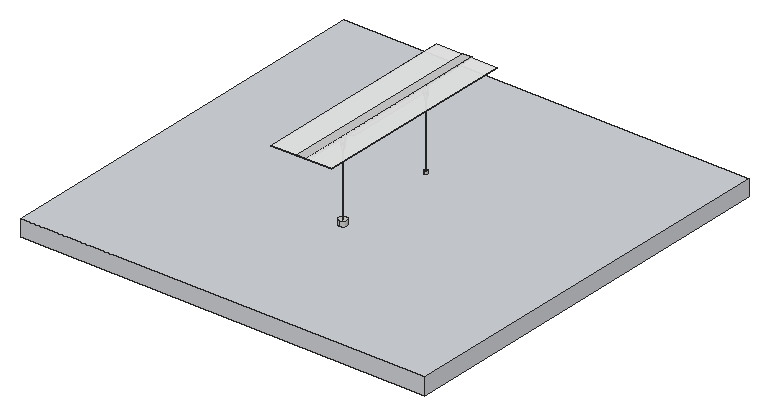
Revit family "Zumtobel VAERO LED", category Lighting Fixtures, host Face, Revit 2014
Parameters (values of type "VAERO LED5000")
  Width = 365 mm  # constant formula
  Waveguide = Zumtobel_Waveguide_Self_Illumination
  Wattage = 33.6605 W
  built-in parameter 1150110 = 1 (stored number, unit not read)
  Voltage = 230 V  # constant formula
  URL = "http://www.zumtobel.com/42184828"
  Type Comments = "© Zumtobel. We reserve the right to make technical changes without prior notice."  # constant formula
  built-in parameter 1114217 = 1 (stored number, unit not read)
  Tilt Angle = -90.00°
  built-in parameter 1150109 = 1 (stored number, unit not read)
  built-in parameter 1150134 = 12
  Suspension Height [instance] = 500 mm
  Suspension = Zumtobel_Metal_Aluminium
  built-in parameter 1150113 = 1 (stored number, unit not read)
  Photometric Web File = "42184828_(STD).IES"
  Model = "42184828"
  Manufacturer = "Zumtobel Lighting"  # constant formula
  built-in parameter 1150105 = 397.89 (stored number, unit not read)
  Lumens = 5000 lm
  built-in parameter 1150115 = 1 (stored number, unit not read)
  built-in parameter 1150137 = (empty or 0)
  built-in parameter 1150139 = (empty or 0)
  Length = 1250 mm  # constant formula
  built-in parameter 1150112 = 1 (stored number, unit not read)
  built-in parameter 1150114 = 1 (stored number, unit not read)
  Lamp = "LED"
  built-in parameter 1150132 = 2
  built-in parameter 1150102 = (empty or 0)
  built-in parameter 1150107 = 4000 (stored number, unit not read)
  built-in parameter 1150138 = (empty or 0)
  built-in parameter 1150106 = 3.9789 (stored number, unit not read)
  Height = 45 mm  # constant formula
  Emit from Rectangle Width = 1250 mm  # constant formula
  Emit from Rectangle Length = 365 mm  # constant formula
  Emit Shape Visible in Rendering = no
  built-in parameter 1150104 = 13.8 (stored number, unit not read)
  Dimming Lamp Color Temperature Shift = <None>
  Description = "LED suspended luminaire"  # constant formula
  Default Elevation = 0 mm
  Color Filter = 16777215
  Body = Zumtobel_Metal_Aluminium
  built-in parameter 1114218 = 1 (stored number, unit not read)
  built-in parameter 1150133 = 10 (stored number, unit not read)
  Assembly Code = "D5020210"
  Apparent Load = 46.6 VA
Types (2, lengths in mm): name | Wattage | URL | Photometric Web File | Model | built-in parameter 1150105 | Lumens | built-in parameter 1150106 | Apparent Load
  VAERO LED5000 | 33.6605 W | "http://www.zumtobel.com/42184828" | "42184828_(STD).IES" | "42184828" | 397.89 (stored number, unit not read) | 5000 lm | 3.9789 (stored number, unit not read) | 46.6 VA
  VAERO LED6600 | 43.7587 W | "http://www.zumtobel.com/42184830" | "42184830_(STD).IES" | "42184830" | 517.25 (stored number, unit not read) | 6500 lm | 5.1725 (stored number, unit not read) | 62.9 VA
Reference planes
  plane 1 "Center (Front/Back)": y = 0
  plane 2 "Top": z = 0
  plane 3 "Center (Left/Right)": x = 0
  plane 4: z = 500
  plane 5: y = 625
  plane 6: y = -625
  plane 7: x = -182.5
  plane 8: x = 182.5
Forms (mm)
  Extrusion 1, solid
    sketch origin (0, 0, 0) x (1, 0, 0) y (0, 1, 0)
      loop
        line (-1219.2, 1219.2) -> (-1219.2, -1219.2) -> (1219.2, -1219.2) -> (1219.2, 1219.2) -> (-1219.2, 1219.2)
    from 0 to -100
Dimensions and locks
  equal spacing: plane 5, plane 1 "Center (Front/Back)", plane 6
  "Length": plane 5 to plane 6
  locked: nested 1 to connector elem at 0
  "Suspension Height": plane 4 to plane 2 "Top"
  aligned and locked: plane 2 "Top" to Extrusion 1
  aligned and locked: level to Extrusion 1
  aligned and locked: plane 3 "Center (Left/Right)" to nested 1
  aligned and locked: nested 1 to plane 1 "Center (Front/Back)"
  aligned and locked: plane 4 to imposter light
Automatic sketch dimensions
  Extrusion 1 sketch curve to Extrusion 1 sketch curve = 2438.4 mm  (x2)
Nested families
  nested 1: "Model Zumtobel VAERO LED" at (0, -2.506, 0) x (0, -1, 0) z (0, 0, -1), Suspension Height <- "Suspension Height", type "Model Zumtobel VAERO LED"
Connectors
  electrical at (0, -312.5, 0), driven by "Apparent Load", driven by "Voltage"
    settings: index 1, voltage 230 V, apparent load 0 VA, apparent load phase1 46.6 VA, apparent load phase2 0 VA, apparent load phase3 0 VA, power factor 1, load classification "Lighting", number of poles 1, system type 31, power factor state 1, is connector primary yes, connector utility no, sub classification motor no, connector description ""
Definition of nested family "Model Zumtobel VAERO LED"
  Parameters (values of type "Model Zumtobel VAERO LED")
    Waveguide = Zumtobel_Waveguide_Self_Illumination
    Suspension Height [instance] = 500 mm
    Suspension = Zumtobel_Metal_Aluminium
    Length = 1250 mm
    Emit Shape Visible in Rendering = no
    Default Elevation = 1219.2 mm
    Body = Zumtobel_Metal_Aluminium
  Reference planes
    plane 1 "Light Source Axis (F/B)": y = 0
    plane 2 "Top": z = 0
    plane 3 "Light Source Axis (L/R)": x = -2.506
    plane 4 "Bottom": z = -457.5
    plane 5: z = -489.5
    plane 6 "Left": x = -627.506
    plane 7 "Right": x = 622.494
    plane 8 "Suspension Left": x = -315.006
    plane 9 "Suspension Right": x = 309.994
    plane 10: z = -500
    plane 11: z = -480.464
    plane 12: y = -27.831
    plane 13: y = 27.831
    plane 14: y = 16.889
    plane 15: y = -16.889
    plane 16: z = -492
    plane 17: z = -497.5
    plane 18: z = -428.708
    plane 19: z = -403.708
    plane 20: x = 572.494
    plane 21: x = -577.506
    plane 22: y = 13.748
    plane 23: z = -472.258
    plane 24: z = -422.444
  Forms (mm)
    Extrusion 1, solid, material "Zumtobel_Metal_Aluminium" <- "Body", detail levels medium+fine
      sketch origin (-2.506, 0, -2441.976) x (1, 0, 0) y (0, 0, 1)
        loop
          line (-252.074, 1984.476) -> (-291.849, 1961.512) -> (-559.349, 1961.512) -> (-575, 1952.476) -> (575, 1952.476) -> (559.349, 1961.512) -> (291.849, 1961.512) -> (252.074, 1984.476) -> (-252.074, 1984.476)
      from -16.889 to 16.889
    Extrusion 2, solid, material "Zumtobel_Waveguide_Self_Illumination" <- "Waveguide", detail levels medium+fine
      sketch origin (-2.506, 0, -2438.4) x (0, 1, 0) y (0, 0, 1)
        loop
          line (182.5, 1946.4) -> (-182.5, 1946.4) -> (-182.5, 1940.9) -> (182.5, 1940.9) -> (182.5, 1946.4)
      from -625 to 625
    Sweep 3, solid, material "Zumtobel_Metal_Aluminium" <- "Suspension", detail levels medium+fine
      path origin (-315.006, 0, 0) x (0, 0, 1) y (0, -1, 0)
        loop
          line (0, 0) -> (-403.708, 0)
      profile origin (-315.006, 0, -201.854) x (1, 0, 0) y (0, 1, 0)
        loop
          circle (0, 0) r 1
    Sweep 4, solid, material "Zumtobel_Metal_Aluminium" <- "Suspension", detail levels medium+fine
      path origin (309.994, 0, 0) x (0, 0, 1) y (0, -1, 0)
        loop
          line (0, 0) -> (-403.708, 0)
      profile origin (309.994, 0, -201.854) x (-1, 0, 0) y (0, -1, 0)
        loop
          circle (0, 0) r 1
    Extrusion 5, solid, material "Zumtobel_Metal_Aluminium" <- "Suspension", detail levels medium+fine
      sketch origin (-2.506, 0, 0) x (1, 0, 0) y (0, 1, 0)
        loop
          circle (-312.5, 0) r 10
      from 0 to -13
    Revolve 6, solid, material "Zumtobel_Metal_Aluminium" <- "Suspension", detail levels medium+fine
      sketch origin (-315.006, 0, 0) x (0, 0, 1) y (0, -1, 0)
        loop
          line (-403.708, 0) -> (-428.708, 0) -> (-428.708, -5) -> (-406.179, -5) -> (-406.179, -2.5) -> (-403.708, -2.5) -> (-403.708, 0)
        axis (-403.708, 0) -> (-428.708, 0)
      angle from 0 to 360
    Revolve 7, solid, material "Zumtobel_Metal_Aluminium" <- "Suspension", detail levels medium+fine
      sketch origin (309.994, 30, 0) x (0, 0, 1) y (0, -1, 0)
        loop
          line (-403.708, 30) -> (-428.708, 30) -> (-428.708, 25) -> (-406.179, 25) -> (-406.179, 27.5) -> (-403.708, 27.5) -> (-403.708, 30)
        axis (-403.708, 30) -> (-428.708, 30)
      angle from 0 to 360
    Extrusion 8, solid, material "Zumtobel_Metal_Aluminium" <- "Body", detail levels medium+fine
      sketch origin (-2.506, 0, 0) x (0, 1, 0) y (0, 0, 1)
        loop
          line (27.831, -497.5) -> (-27.831, -497.5) -> (-27.831, -500) -> (27.831, -500) -> (27.831, -497.5)
      from -625 to 625
    Extrusion 9, solid, material "Zumtobel_Metal_Aluminium" <- "Body", detail levels medium+fine
      sketch origin (-2.506, 0, 8) x (0, 1, 0) y (0, 0, 1)
        loop
          line (27.831, -497.5) -> (-27.831, -497.5) -> (-27.831, -500) -> (27.831, -500) -> (27.831, -497.5)
      from -575 to 575
    Sweep 10, solid, material "Zumtobel_Metal_Aluminium" <- "Suspension", detail levels medium+fine
      path origin (-315.006, 0, 0) x (0, 0, 1) y (0, -1, 0)
        loop
          line (-472.258, 0) -> (-480.464, 0)
      profile origin (-315.006, 0, -476.361) x (1, 0, 0) y (0, 1, 0)
        loop
          circle (0, 13.7) r 2
        loop
          circle (0, -13.7) r 2
        loop
          circle (625, 13.7) r 2
        loop
          circle (625, -13.7) r 2
    Sweep 11, solid, material "Zumtobel_Metal_Aluminium" <- "Suspension", detail levels medium+fine
      path origin (-315.006, 0, 0) x (0, 0, 1) y (0, 1, 0)
        loop
          line (-422.444, 5) -> (-422.444, 7.452)
          arc (-422.444, 7.452) -> (-423.105, 9.145) -> (-424.739, 9.943) r 2.5
          line (-424.739, 9.943) -> (-469.851, 13.65)
          arc (-469.851, 13.65) -> (-470.464, 13.688) -> (-471.079, 13.7) r 15
          line (-471.079, 13.7) -> (-480.464, 13.7)
      profile origin (-315.006, 11.797, -447.295) x (0, 0.996641, 0.081895) y (1, 0, 0)
        loop
          circle (0, 0) r 1
    Sweep 12, solid, material "Zumtobel_Metal_Aluminium" <- "Suspension", detail levels medium+fine
      path origin (-315.006, 0, 0) x (0, 0, 1) y (0, -1, 0)
        loop
          line (-422.444, 5) -> (-422.444, 7.452)
          arc (-422.444, 7.452) -> (-423.105, 9.145) -> (-424.739, 9.943) r 2.5
          line (-424.739, 9.943) -> (-469.851, 13.65)
          arc (-469.851, 13.65) -> (-470.464, 13.688) -> (-471.079, 13.7) r 15
          line (-471.079, 13.7) -> (-480.464, 13.7)
      profile origin (-315.006, -11.797, -447.295) x (0, 0.996641, -0.081895) y (1, 0, 0)
        loop
          circle (0, 0) r 1
    Sweep 13, solid, material "Zumtobel_Metal_Aluminium" <- "Suspension", detail levels medium+fine
      path origin (309.994, 0, 0) x (0, 0, 1) y (0, -1, 0)
        loop
          line (-422.444, -5) -> (-422.444, -7.452)
          arc (-422.444, -7.452) -> (-423.105, -9.145) -> (-424.739, -9.943) r 2.5
          line (-424.739, -9.943) -> (-469.851, -13.65)
          arc (-469.851, -13.65) -> (-470.464, -13.688) -> (-471.079, -13.7) r 15
          line (-471.079, -13.7) -> (-480.464, -13.7)
      profile origin (309.994, 11.797, -447.295) x (0, -0.996641, -0.081895) y (-1, 0, 0)
        loop
          circle (0, 0) r 1
    Sweep 14, solid, material "Zumtobel_Metal_Aluminium" <- "Suspension", detail levels medium+fine
      path origin (309.994, 0, 0) x (0, 0, 1) y (0, -1, 0)
        loop
          line (-422.444, 5) -> (-422.444, 7.452)
          arc (-422.444, 7.452) -> (-423.105, 9.145) -> (-424.739, 9.943) r 2.5
          line (-424.739, 9.943) -> (-469.851, 13.65)
          arc (-469.851, 13.65) -> (-470.464, 13.688) -> (-471.079, 13.7) r 15
          line (-471.079, 13.7) -> (-480.464, 13.7)
      profile origin (309.994, -11.797, -447.295) x (0, -0.996641, 0.081895) y (-1, 0, 0)
        loop
          circle (0, 0) r 1
    Extrusion 15, solid, material "Zumtobel_Metal_Aluminium" <- "Suspension", detail levels medium+fine
      sketch origin (-2.506, 0, 0) x (-1, 0, 0) y (0, -1, 0)
        loop
          circle (-312.5, 0) r 25
      from 0 to -25
  Cuts and joins
    joined: Sweep 3, Sweep 4, Extrusion 5, Extrusion 15
  Lines and regions (mm)
    symbolic lines, style "Zumtobel Ligthing", detail levels coarse
      curve 1: line (-627.506, 182.5, 0) -> (-627.506, -182.5, 0)
      curve 2: line (622.494, 182.5, 0) -> (622.494, -182.5, 0)
      curve 3: line (-627.506, 0, 0) -> (622.494, 0, 0)
  Dimensions and locks
    "Length": plane 6 "Left" to plane 7 "Right"
    plane 3 "Light Source Axis (L/R)" to plane 8 "Suspension Left" = 312.5 mm
    plane 9 "Suspension Right" to plane 3 "Light Source Axis (L/R)" = 312.5 mm
    "Suspension Height": plane 2 "Top" to plane 10
    plane 10 to plane 17 to plane 16 to plane 5 to plane 11 to plane 23 to plane 4 "Bottom" to plane 18 to plane 24 to plane 19 = 2.5 mm locked, 5.5 mm locked, 2.5 mm locked, 9.036 mm locked, 8.206 mm locked, 14.758 mm locked, 28.792 mm locked, 6.264 mm locked, 18.736 mm locked
    locked: plane 6 "Left" to plane 21 at 50
    locked: plane 7 "Right" to plane 20 at 50
    aligned and locked: level to plane 2 "Top"
    aligned and locked: plane 7 "Right" to Extrusion 2
    aligned and locked: plane 6 "Left" to Extrusion 2
    aligned and locked: plane 16 to Extrusion 2 sketch curve
    aligned and locked: Extrusion 2 sketch curve to plane 17
    aligned and locked: Revolve 6 sketch curve to plane 19
    aligned and locked: Revolve 6 sketch curve to plane 18
    aligned and locked: Extrusion 8 sketch curve to plane 17
    aligned and locked: plane 13 to Extrusion 8 sketch curve
    aligned and locked: plane 10 to Extrusion 8 sketch curve
    aligned and locked: Extrusion 8 sketch curve to plane 12
    aligned and locked: plane 7 "Right" to Extrusion 8
    aligned and locked: Extrusion 2 to Extrusion 8
    aligned and locked: Extrusion 1 sketch curve to plane 11
    aligned and locked: plane 5 to Extrusion 9 sketch curve
    aligned and locked: Extrusion 9 sketch curve to plane 12
    aligned and locked: plane 13 to Extrusion 9 sketch curve
    aligned and locked: Extrusion 9 sketch curve to plane 16
    aligned and locked: plane 21 to Extrusion 9
    aligned and locked: plane 20 to Extrusion 9
    aligned and locked: plane 19 to Sweep 3 sketch curve
    aligned and locked: plane 11 to Sweep 10 sketch curve
    aligned and locked: plane 23 to Sweep 10 sketch curve
    aligned and locked: Sweep 10 sketch curve to plane 1 "Light Source Axis (F/B)"
    aligned and locked: plane 24 to Sweep 11 sketch curve
    aligned and locked: plane 19 to Sweep 4 sketch curve
  Automatic sketch dimensions
    Extrusion 1 sketch curve to plane 5 = 0 mm
    plane 21 to Extrusion 1 sketch curve = 0 mm
    Extrusion 1 sketch curve to plane 11 = 0 mm
    Extrusion 1 sketch curve to plane 4 "Bottom" = 0 mm
    Extrusion 1 sketch curve to plane 20 = 0 mm
    Extrusion 1 sketch curve to plane 21 = 15.651 mm
    plane 8 "Suspension Left" to Extrusion 1 sketch curve = 20.651 mm
    Extrusion 1 sketch curve to Extrusion 1 sketch curve = 39.774 mm
    plane 9 "Suspension Right" to Extrusion 1 sketch curve = 60.426 mm
    plane 9 "Suspension Right" to Extrusion 1 sketch curve = 20.651 mm
    Extrusion 1 sketch curve to plane 20 = 15.651 mm
    Sweep 3 sketch curve to level = 0 mm
    Sweep 3 sketch curve to plane 1 "Light Source Axis (F/B)" = 0 mm
    profile plane to Sweep 3 sketch curve = 0 mm
    Sweep 3 sketch curve to profile plane = 0 mm
    Sweep 4 sketch curve to level = 0 mm
    Sweep 4 sketch curve to plane 1 "Light Source Axis (F/B)" = 0 mm
    Sweep 4 sketch curve to profile plane = 0 mm  (x2)
    plane 1 "Light Source Axis (F/B)" to Extrusion 5 sketch curve = 0 mm
    Extrusion 5 sketch curve to plane 8 "Suspension Left" = 0 mm
    Revolve 6 sketch curve to plane 1 "Light Source Axis (F/B)" = 0 mm  (x2)
    plane 19 to Revolve 6 sketch curve = 2.471 mm
    Revolve 6 sketch curve to plane 1 "Light Source Axis (F/B)" = 2.5 mm
    Revolve 6 sketch curve to Revolve 6 sketch curve = 2.5 mm
    Revolve 6 sketch curve to Revolve 6 sketch curve = 9.66 mm
    Revolve 6 sketch curve to Revolve 6 sketch curve = 3.826 mm
    Revolve 7 sketch curve to plane 1 "Light Source Axis (F/B)" = 0 mm  (x2)
    plane 18 to Revolve 7 sketch curve = 0 mm
    plane 19 to Revolve 7 sketch curve = 0 mm
    Revolve 7 sketch curve to plane 19 = 2.471 mm
    plane 1 "Light Source Axis (F/B)" to Revolve 7 sketch curve = 2.5 mm
    Revolve 7 sketch curve to Revolve 7 sketch curve = 2.5 mm
    plane 19 to Revolve 7 sketch curve = 9.66 mm
    Revolve 7 sketch curve to Revolve 7 sketch curve = 3.826 mm
    Sweep 10 sketch curve to plane 8 "Suspension Left" = 0 mm  (x2)
    profile plane to Sweep 10 sketch curve = 13.7 mm  (x2)
    plane 8 "Suspension Left" to Sweep 10 sketch curve = 625 mm
    Sweep 10 sketch curve to Sweep 10 sketch curve = 0 mm
    Sweep 10 sketch curve to profile plane = 13.7 mm  (x2)
    Sweep 11 sketch curve to plane 11 = 0 mm
    Sweep 11 sketch curve to plane 22 = 0.048 mm
    plane 23 to Sweep 11 sketch curve = 1.179 mm
    Sweep 11 sketch curve to plane 22 = 0.098 mm
    Sweep 11 sketch curve to Sweep 11 sketch curve = 1.228 mm
    plane 24 to Sweep 11 sketch curve = 2.5 mm
    plane 24 to Sweep 11 sketch curve = 2.295 mm
    Sweep 11 sketch curve to plane 22 = 6.297 mm
    Sweep 11 sketch curve to Sweep 11 sketch curve = 2.452 mm
    Sweep 11 sketch curve to plane 8 "Suspension Left" = 0 mm
    Sweep 11 sketch curve to profile plane = 0 mm
    Sweep 12 sketch curve to plane 11 = 0 mm
    Sweep 12 sketch curve to plane 24 = 0 mm
    Sweep 12 sketch curve to plane 23 = 1.179 mm
    Sweep 12 sketch curve to Sweep 12 sketch curve = 1.228 mm
    Sweep 12 sketch curve to plane 24 = 2.5 mm
    Sweep 12 sketch curve to plane 24 = 2.295 mm
    Sweep 12 sketch curve to plane 1 "Light Source Axis (F/B)" = 1.3 mm
    plane 1 "Light Source Axis (F/B)" to Sweep 12 sketch curve = 7.452 mm
    plane 15 to Sweep 12 sketch curve = 3.239 mm
    Sweep 12 sketch curve to Sweep 12 sketch curve = 2.452 mm
    Sweep 12 sketch curve to plane 8 "Suspension Left" = 0 mm
    Sweep 12 sketch curve to profile plane = 0 mm
    Sweep 13 sketch curve to plane 11 = 0 mm
    Sweep 13 sketch curve to plane 24 = 0 mm
    Sweep 13 sketch curve to plane 22 = 0.048 mm
    plane 23 to Sweep 13 sketch curve = 1.179 mm
    Sweep 13 sketch curve to plane 22 = 0.098 mm
    Sweep 13 sketch curve to Sweep 13 sketch curve = 1.228 mm
    Sweep 13 sketch curve to Sweep 13 sketch curve = 2.5 mm
    plane 24 to Sweep 13 sketch curve = 2.295 mm
    Sweep 13 sketch curve to plane 22 = 3.805 mm
    Sweep 13 sketch curve to Sweep 13 sketch curve = 2.452 mm
    Sweep 13 sketch curve to plane 9 "Suspension Right" = 0 mm
    profile plane to Sweep 13 sketch curve = 0 mm
    Sweep 14 sketch curve to plane 11 = 0 mm
    Sweep 14 sketch curve to plane 24 = 0 mm
    plane 23 to Sweep 14 sketch curve = 1.179 mm
    Sweep 14 sketch curve to Sweep 14 sketch curve = 1.228 mm
    Sweep 14 sketch curve to Sweep 14 sketch curve = 2.5 mm
    plane 24 to Sweep 14 sketch curve = 2.295 mm
    plane 1 "Light Source Axis (F/B)" to Sweep 14 sketch curve = 1.3 mm
    Sweep 14 sketch curve to plane 1 "Light Source Axis (F/B)" = 7.452 mm
    Sweep 14 sketch curve to plane 15 = 3.239 mm
    Sweep 14 sketch curve to Sweep 14 sketch curve = 2.452 mm
    Sweep 14 sketch curve to plane 9 "Suspension Right" = 0 mm
    profile plane to Sweep 14 sketch curve = 0 mm
    plane 1 "Light Source Axis (F/B)" to Extrusion 15 sketch curve = 0 mm
    Extrusion 15 sketch curve to plane 9 "Suspension Right" = 0 mm
    plane 12 to Extrusion 2 sketch curve = 154.669 mm
    plane 13 to Extrusion 2 sketch curve = 154.669 mm
    plane 1 "Light Source Axis (F/B)" to curve 3 = 0 mm
    curve 3 to plane 6 "Left" = 0 mm
    curve 3 to plane 7 "Right" = 0 mm
    plane 12 to curve 2 = 154.669 mm
    plane 12 to curve 1 = 154.669 mm
    plane 13 to curve 2 = 154.669 mm
    plane 13 to curve 1 = 154.669 mm
    radius of Sweep 3 sketch curve = 1 mm
    radius of Sweep 4 sketch curve = 1 mm
    radius of Extrusion 5 sketch curve = 10 mm
    radius of Sweep 10 sketch curve = 2 mm  (x4)
    radius of Sweep 11 sketch curve = 1 mm
    radius of Sweep 12 sketch curve = 1 mm
    radius of Sweep 13 sketch curve = 1 mm
    radius of Sweep 14 sketch curve = 1 mm
    radius of Extrusion 15 sketch curve = 25 mm
